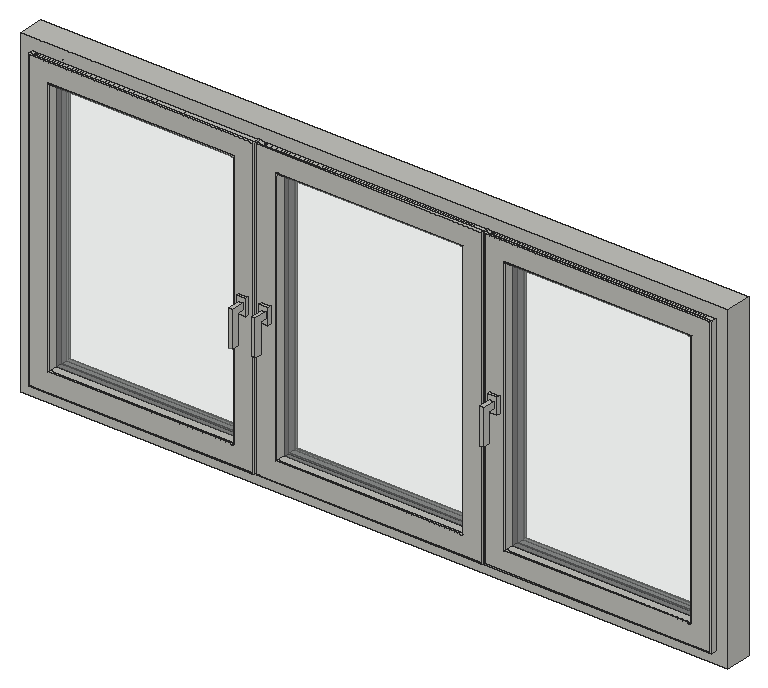
Revit family "2021_ES_Ventana_Replus_RE80-PVC-i30_1130X_3H", category Ventanas, Revit 2021
Family settings
  Anfitrión = Muro
  Número OmniClass = 23.30.20.00
  Título OmniClass = Windows
  Siempre vertical = Sí
  Corte con vacíos al cargar = No
  Compartido = No
  Punto de cálculo de habitación = No
Parameters (values of type "1130X")
  Ι_Wll Thcknss [instance] = 200.000 mm
  Ι_Wdth Cntrl = if(Anchura < 1059.000 mm, 1059.000 mm, if(Anchura > 2961.000 mm, 2961.000 mm, Anchura))  # 2200.000 mm
  Ι_Nst Cntrl [instance] = if(Retranqueo > Ι_Wll Thcknss - 80.000 mm, Ι_Wll Thcknss - 80.000 mm, if(Retranqueo = Ι_Wll Thcknss - 80.000 mm, Ι_Wll Thcknss - 80.000 mm, Retranqueo))  # 0.000 mm
  Ι_Hndl Hght Cntrl = if(Altura de Manilla < 200.000 mm, 200.000 mm, if(Altura de Manilla > Ι_Hght Cntrl - 150.000 mm, Ι_Hght Cntrl - 150.000 mm, Altura de Manilla))  # 500.000 mm
  Ι_Hght Cntrl = if(Altura < 429.000 mm, 429.000 mm, if(Altura > 2658.000 mm, 2658.000 mm, Altura))  # 1000.000 mm
  Zona = ""
  Visibilidad Líneas Apertura - Planta = yes
  Visibilidad Líneas Apertura - Alzado = yes
  Vida Util Esperada = ""
  Version Estandar GDO-BIM = "GDO-BIM V02"  # constant formula
  Version = "RVT2021"  # constant formula
  Verano de transmitancia termica = 0
  Unidad Medicion = ""
  Unidad = ""
  Uniclass2015 Titulo = ""
  Uniclass2015 Codigo = ""
  URL de Declaracion de Prestaciones = ""
  URL Producto = "https://replus.es/bim/"
  URL Perfil BIM = "https://bimetica.com/es/objeto-bim-replus-ventana-re80-pvc-i30-2-hojas-oscilobatientes-11109.html"
  URL = "https://replus.es/"
  UNSPSC Titulo = "Windows"  # constant formula
  UNSPSC Codigo = "30171600"  # constant formula
  Transmitancia termica invierno = 0
  Transmitancia solar = 0
  Transmitancia de ganancia de calor solar = 0
  Transmision de luz visible = 0
  Titular = "Regicarp, S.L."  # constant formula
  Tipo Embalaje Proteccion = ""
  Tiene antepecho interno = yes
  Tiene antepecho externo = yes
  Tiempo Util De Vida = ""
  Tiempo Medio Entre Fallos = ""
  Telefono Contacto = "+34 966544310"  # constant formula
  Soporte tecnico BIM = "https://bimsupport.info/es/fabricantes/regicarp-replus-bim/"
  Sistema = ""
  Serie = ""
  Responsable Seguridad = ""
  Responsable Prescripcion = ""
  Responsable Compra = ""
  Residuos Peligrosos por Unidad = 0
  Residuos No Peligrosos por Unidad = 0
  Residuo Radioactivo por Unidad = 0
  Residuo Inerte por Unidad = 0
  Reflectancia solar = 0
  Reflectancia de luz visible = 0
  Referencia Unidad Funcional = ""
  Referencia Lote = ""
  Referencia Contacto Soporte Tecnico = ""
  Referencia Contacto Comercial Venta = ""
  Referencia = "RE 80/PVC/i30"
  Punto de Contacto = ""
  Proteccion con Malla = yes
  Plataforma descaga contenido BIM = "www.bimetica.com"
  Periodo Garantia = ""
  Partida URL = ""
  Pais de Venta = ""
  Omniclass Titulo = "Plastic Windows"  # constant formula
  Omniclass Codigo = "23-17 13 17"  # constant formula
  Numero de Licencia = "XXXXXXXXXX9500 / No-aportada por bimboject AB (anterior)"  # constant formula
  Numero de Declaracion de Prestaciones = ""
  Numero Serie = ""
  Numero Articulo Global Comercial = ""
  Numero Articulo = ""
  Nivel de Riesgo = ""
  Material Envoltura = ""
  Material Contenedor = ""
  Material = none
  Masterformat Titulo = "Plastic Windows"  # constant formula
  Masterformat Codigo = "08 53 00"  # constant formula
  Marcado CE = yes
  Mantenimiento = ""
  Lugar Ensamblaje = ""
  Instrucciones Especiales = ""
  Informacion Tecnica = ""
  IfcExportType = "Oscilobatiente"  # constant formula
  IfcExportAs = "IfcWindow"  # constant formula
  Identificador Garantia = ""
  Historial = "(RVT2021) Creacion de Elemento."  # constant formula
  Gubimclass Titulo = "Ventanas de fachadas"  # constant formula
  Gubimclass Codigo = "30.10.20.10"  # constant formula
  Gas de Relleno = ""
  Garantia Extendida = yes
  Fuente Datos LCA = ""
  Formacion Fotoquimica Ozono por Unidad = 0
  Fecha Vencimiento Elemento BIM = ""
  Fecha Suministro = ""
  Fecha Inicio Garantia = ""
  Fecha Fin Garantia = ""
  Fecha Evaluacion = ""
  Fecha Emision Elemento BIM = ""
  Fecha Compra = ""
  Fecha Colocacion = ""
  Fase Ciclo Vida = ""
  Falta de Recursos por Unidad = 0
  Exclusiones = ""
  Eutrofizacion por Unidad = 0
  Etiqueta Modelo = ""
  Estandar seguridad = ""
  Espesor de vidrio 3 = 0.000 mm
  Espesor de vidrio 2 = 0.000 mm
  Espesor de vidrio 1 = 0.000 mm
  Espacio libre acceso = 0.000 mm
  Espacio = ""
  Es templado = yes
  Es recubierto = yes
  Es laminado = yes
  Es Exterior = yes
  Es Accesible = yes
  Energia consumida = 0
  Energia Renovable Consumida por Unidad = 0
  Energia Primaria Total Consumida por Unidad = 0
  Energia No Renovable Consumida por Unidad = 0
  Email Contacto = "info@replus.es"  # constant formula
  Destruccion Capa Ozono Estratosferica por Unidad = 0
  Descripcion Evaluacion = ""
  Dependiente De = ""
  Declaracion Ambiental de Producto URL = ""
  Creditos LEED = ""
  Creditos BREEAM = ""
  Coste Mantenimiento = 0
  Contenido Garantia = ""
  Contacto = ""
  Condiciones de Venta = ""
  Condiciones Evaluacion = ""
  Color de vidrio = ""
  Coeficiente de sombreado = 0
  Codigo Barras = ""
  Codigo = ""
  Clasificacion de carga de viento = ""
  Capas de vidrio = 0
  Cambio Climatico por Unidad = 0
  COBie Categoria = "IfcWindow"
  Base Precio Producto 03 = ""
  Base Precio Producto 02 = ""
  Base Precio Producto 01 = ""
  Autor = "Bimetica Parametric Design Services S.L. (actual) / bimobject AB (anterior)"
  Ano Produccion = ""
  Anchura aproximada = Ι_Wdth Cntrl + 2 * Hueco  # 2210.000 mm
  Altura minima requerida = 0.000 mm
  Altura aproximada = Ι_Hght Cntrl + 2 * Hueco  # 1010.000 mm
  Retranqueo [instance] = 0.000 mm
  Product Material = PVC - Replus - 9152 - White
  Modelo = "1130X"
  Material secondary = "Glass"
  Material main = "PVC"
  Fabricante = "Replus"
  Nota clave = "08500"
  I_Lf_Cntrl = (Ι_Wdth Cntrl - 2.000 mm * 36.8 - 6.000 mm) / 2  # 1060.200 mm
  I_Glss_Wdth = (Ι_Wdth Cntrl - 2.000 mm * 36.8 - 6.000 mm) / 2 - (79.000 mm * 2)  # 902.200 mm
  Hueco = 5.000 mm
  Altura = 1000.000 mm
  Exceso Dimensiones = or(and(Altura < 429.000 mm, Advertencia Dimensión), and(Anchura < 791.000 mm, Advertencia Dimensión), and(Anchura > 2961.000 mm, Advertencia Dimensión), and(Altura > 2658.000 mm, Advertencia Dimensión))  # no
  Edition number = 1
  Descripción = "Perfiles de hoja oculta en PVC, mejorando sustancialmente el campo visual, con triple junta (mediante junta rigida en el marco) protegiendo de esta manera todos los puntos de cierre, aumentando la seguridad y proporcionando una junta perimetral completa, con perfilería de clasificación máxima S-II-A"
  Default Sill Height = 800.000 mm
  Cierre de muro = Por anfitrión
  Anchura = 2200.000 mm
  Código de montaje = "B2020100"
  Construcción analítica = "<None>"
  Altura de Manilla = 500.000 mm
  Agua Consumida por Unidad = 0
  Advertencia Dimensión = yes
  Acidificacion Atmosferica por Unidad = 0
  Acabado = ""
  Absorcion solar = 0
Reference planes
  plane 1 "Center (Front/Back)": y = 0
  plane 2 "Center (Left/Right)": x = 0
  plane 3 "Left": x = -749.6
  plane 4 "Right": x = 1460.4
  plane 5 "Sill": z = 800
  plane 6 "Head": z = 1810
  plane 7 "Exterior": y = 100
  plane 8 "Interior": y = -100
  plane 9: x = -744.6
  plane 10: x = 1455.4
  plane 11: z = 1805
  plane 12: z = 805
  plane 13 "Inset": y = -20
  plane 14: x = -704.8
  plane 15: x = 707.8
  plane 16: z = 1768.2
  plane 17: z = 841.8
  plane 18 "fg": x = -644.8
  plane 19 "glass": y = -42.5
  plane 20: y = -46.5
  plane 21: y = -64.5
  plane 22: y = -68.5
  plane 23: y = -86.5
  plane 24: y = -90.5
  plane 25: x = 647.8
  plane 26 "fg2": z = 1720.2
  plane 27: z = 889.8
  plane 28: x = -3
  plane 29: x = 3
  plane 30: x = 63
  plane 31: x = -63
  plane 32: x = -35
  plane 33: x = 35
  plane 34: x = -353.9
  plane 35: x = 355.4
  plane 36: z = 1305
  plane 37: y = -53
  plane 38: y = -104.304
  plane 39: y = 500
  plane 40: y = -100
  plane 41: x = -46
  plane 42: x = 46
  plane 43: x = -661.8
  plane 44: x = 664.8
  plane 45: z = 1725.2
  plane 46: z = 884.8
  plane 47: z = 1704.2
  plane 48: z = 905.8
  plane 49: x = -640.8
  plane 50: x = -67
  plane 51: x = 67
  plane 52: x = 643.8
  plane 53: y = -38.5
  plane 54: y = -118.5
  plane 55 "C": y = -78.5
  plane 56 "fg3": x = -656.8
  plane 57 "5": x = -51
  plane 58 "3": x = -650.8
  plane 59 "1": z = 895.8
  plane 60 "2": z = 1714.2
  plane 61 "4": x = -57
  plane 62: x = 51
  plane 63: x = 659.8
  plane 64: x = 57
  plane 65: x = 653.8
  plane 66: x = 710.8
  plane 67: x = 713.8
  plane 68: x = 1418.6
  plane 69: x = 756.8
  plane 70: x = 1375.6
  plane 71: x = 761.8
  plane 72: x = 1370.6
  plane 73: x = 777.8
  plane 74: x = 1354.6
  plane 75: x = 767.8
  plane 76: x = 773.8
  plane 77: x = 1364.6
  plane 78: x = 1358.6
  plane 79: x = 745.8
  plane 80: x = 675.8
  plane 81: x = -707.8
  plane 82: x = 1066.2
  plane 83: x = 1421.6
  plane 84: x = -710.8
  plane 85: y = 10
Forms (mm)
  Sweep 1, solid, material "PVC - Replus - 9152 - White" <- "Product Material", detail levels fine
    path origin (0, -20, 0) x (-1, 0, 0) y (0, 0, 1)
      loop
        line (744.6, 1805) -> (-1455.4, 1805) -> (-1455.4, 805) -> (744.6, 805) -> (744.6, 1805)
    profile origin (-744.6, -20, 1305) x (1, 0, 0) y (0, 1, 0)
      loop
        line (0, -80) -> (43.8, -80)
        arc (43.8, -80) -> (44.507, -79.707) -> (44.8, -79) r 1
        line (44.8, -79) -> (44.8, -38) -> (63.811, -38) -> (63.811, -18.5) -> (75.767, -18.5)
        arc (75.767, -18.5) -> (76.56, -18.109) -> (76.733, -17.241) r 1
        line (76.733, -17.241) -> (72.709, -2.224)
        arc (72.709, -2.224) -> (71.637, -0.62) -> (69.811, 0) r 3
        line (69.811, 0) -> (0, 0) -> (0, -80)
  Extrusion 2, solid, material "Glass - Replus", detail levels fine
    sketch origin (0, 0, 0) x (1, 0, 0) y (0, 1, 0)
      loop
        line (-656.8, -42.5) -> (-656.8, -46.5) -> (-51, -46.5) -> (-51, -42.5) -> (-656.8, -42.5)
      loop
        line (-656.8, -64.5) -> (-656.8, -68.5) -> (-51, -68.5) -> (-51, -64.5) -> (-656.8, -64.5)
      loop
        line (-656.8, -86.5) -> (-656.8, -90.5) -> (-51, -90.5) -> (-51, -86.5) -> (-656.8, -86.5)
      loop
        line (51, -42.5) -> (51, -46.5) -> (659.8, -46.5) -> (659.8, -42.5) -> (51, -42.5)
      loop
        line (51, -64.5) -> (51, -68.5) -> (659.8, -68.5) -> (659.8, -64.5) -> (51, -64.5)
      loop
        line (51, -86.5) -> (51, -90.5) -> (659.8, -90.5) -> (659.8, -86.5) -> (51, -86.5)
      loop
        line (761.8, -42.5) -> (761.8, -46.5) -> (1370.6, -46.5) -> (1370.6, -42.5) -> (761.8, -42.5)
      loop
        line (761.8, -64.5) -> (761.8, -68.5) -> (1370.6, -68.5) -> (1370.6, -64.5) -> (761.8, -64.5)
      loop
        line (761.8, -86.5) -> (761.8, -90.5) -> (1370.6, -90.5) -> (1370.6, -86.5) -> (761.8, -86.5)
    from 889.8 to 1720.2
  Sweep 3, solid, material "PVC - Replus - 9152 - White" <- "Product Material", detail levels fine
    path origin (0, -20, 0) x (-1, 0, 0) y (0, 0, 1)
      loop
        line (0, 1768.2) -> (0, 841.8)
    profile "Profile 05 - Inversora : Profile 05 - Inversora" origin (0, -20, 1305) x (-1, 0, 0) y (0, 1, 0)
      loop
        line (36.791, 0) -> (-38.492, 0)
        arc (-38.492, 0) -> (-39.937, -0.49) -> (-40.784, -1.758) r 2.372
        line (-40.784, -1.758) -> (-45.27, -18.5) -> (-35.296, -18.5) -> (-19.158, -18.5) -> (-19.158, -28.799) -> (-35.094, -38) -> (-10.996, -38) -> (-10.996, -58.9) -> (-8.796, -58.9) -> (-8.796, -60.9) -> (-5.696, -60.9) -> (-5.696, -59.85) -> (0.504, -59.85) -> (0.504, -74.15) -> (-6.296, -74.15) -> (-6.296, -73.1) -> (-8.796, -73.1) -> (-8.796, -75.1) -> (-10.996, -75.1) -> (-10.996, -79.5)
        arc (-10.996, -79.5) -> (-10.85, -79.854) -> (-10.496, -80) r 0.5
        line (-10.496, -80) -> (22.004, -80) -> (22.004, -79) -> (22.004, -56.25) -> (22.004, -38) -> (33.504, -38)
        arc (33.504, -38) -> (33.857, -37.854) -> (34.004, -37.5) r 0.5
        line (34.004, -37.5) -> (34.004, -20.5) -> (34.004, -18.5) -> (43.47, -18.5) -> (38.958, -1.663)
        arc (38.958, -1.663) -> (38.157, -0.464) -> (36.791, 0) r 2.243
  Sweep 4, solid, material "PVC - Replus - 9152 - White" <- "Product Material", detail levels fine
    path origin (0, -20, 0) x (-1, 0, 0) y (0, 0, 1)
      loop
        line (-707.8, 1768.2) -> (-707.8, 841.8) -> (-3, 841.8) -> (-3, 1768.2) -> (-707.8, 1768.2)
    profile origin (3, -20, 1305) x (0, 1, 0) y (-1, 0, 0)
      loop
        line (-32.5, -33) -> (-42, -33) -> (-42, -27.5) -> (-42, -20) -> (-80, -20) -> (-80, -7.5) -> (-80, 0) -> (-95.5, 0)
        arc (-95.5, 0) -> (-97.621, -0.879) -> (-98.5, -3) r 3
        line (-98.5, -3) -> (-98.5, -61)
        arc (-98.5, -61) -> (-97.621, -63.121) -> (-95.5, -64) r 3
        line (-95.5, -64) -> (-70.5, -64) -> (-70.5, -43) -> (-22.5, -43) -> (-22.5, -40.495) -> (-22.5, -33) -> (-32.5, -33)
  Sweep 5, solid, material "PVC - Replus - 9152 - White" <- "Product Material", detail levels fine
    path origin (0, -20, 0) x (-1, 0, 0) y (0, 0, 1)
      loop
        line (704.8, 1768.2) -> (3, 1768.2) -> (3, 841.8) -> (704.8, 841.8) -> (704.8, 1768.2)
    profile origin (-704.8, -20, 1305) x (1, 0, 0) y (0, 1, 0)
      loop
        line (33, -32.5) -> (33, -42) -> (27.5, -42) -> (20, -42) -> (20, -80) -> (7.5, -80) -> (0, -80) -> (0, -95.5)
        arc (0, -95.5) -> (0.879, -97.621) -> (3, -98.5) r 3
        line (3, -98.5) -> (61, -98.5)
        arc (61, -98.5) -> (63.121, -97.621) -> (64, -95.5) r 3
        line (64, -95.5) -> (64, -70.5) -> (43, -70.5) -> (43, -22.5) -> (40.495, -22.5) -> (33, -22.5) -> (33, -32.5)
  Sweep 6, solid, material "PVC - Replus - 9152 - White" <- "Product Material", detail levels medium
    path origin (0, -20, 0) x (-1, 0, 0) y (0, 0, 1)
      loop
        line (0, 841.8) -> (0, 1768.2)
    profile origin (0, -20, 1305) x (1, 0, 0) y (0, 1, 0)
      loop
        line (-43.202, 0) -> (-43.202, -18.5) -> (-36, -18.5) -> (-36, -19.5) -> (-36, -42) -> (-23.004, -42) -> (-23.004, -80) -> (23, -80) -> (23, -58.9) -> (23, -42) -> (36, -42) -> (36, -38.377) -> (36, -18.5) -> (41.196, -18.5) -> (44.198, -18.5) -> (44.198, 0) -> (-43.202, 0)
  Sweep 7, solid, material "PVC - Replus - 9152 - White" <- "Product Material", detail levels medium
    path origin (0, -20, 0) x (-1, 0, 0) y (0, 0, 1)
      loop
        line (744.6, 1805) -> (-1455.4, 1805) -> (-1455.4, 805) -> (744.6, 805) -> (744.6, 1805)
    profile origin (-744.6, -20, 1305) x (1, 0, 0) y (0, 1, 0)
      loop
        line (0, -80) -> (56.8, -80) -> (56.8, -42) -> (69.8, -42) -> (69.8, -18.5) -> (76.662, -18.5) -> (76.662, 0) -> (0, 0) -> (0, -80)
  Sweep 8, solid, material "PVC - Replus - 9152 - White" <- "Product Material", detail levels medium
    path origin (0, -20, 0) x (-1, 0, 0) y (0, 0, 1)
      loop
        line (704.8, 1768.2) -> (3, 1768.2) -> (3, 841.8) -> (704.8, 841.8) -> (704.8, 1768.2)
    profile origin (-704.8, -20, 1305) x (1, 0, 0) y (0, 1, 0)
      loop
        line (20, -42) -> (20, -80) -> (0, -80) -> (0, -98.5) -> (64, -98.5) -> (64, -70.5) -> (43, -70.5) -> (43, -22.5) -> (33, -22.5) -> (33, -42) -> (20, -42)
  Sweep 9, solid, material "PVC - Replus - 9152 - White" <- "Product Material", detail levels medium
    path origin (0, -20, 0) x (-1, 0, 0) y (0, 0, 1)
      loop
        line (-3, 1768.2) -> (-707.8, 1768.2) -> (-707.8, 841.8) -> (-3, 841.8) -> (-3, 1768.2)
    profile origin (3, -20, 1305) x (1, 0, 0) y (0, 1, 0)
      loop
        line (20, -42) -> (20, -80) -> (0, -80) -> (0, -98.5) -> (64, -98.5) -> (64, -70.5) -> (43, -70.5) -> (43, -22.5) -> (33, -22.5) -> (33, -42) -> (20, -42)
  Sweep 10, solid, material "PVC - Replus - 9152 - White" <- "Product Material", detail levels coarse
    path origin (0, -20, 0) x (-1, 0, 0) y (0, 0, 1)
      loop
        line (744.6, 1805) -> (-1455.4, 1805) -> (-1455.4, 805) -> (744.6, 805) -> (744.6, 1805)
    profile origin (-744.6, -20, 1305) x (1, 0, 0) y (0, 1, 0)
      loop
        line (0, -80) -> (56.8, -80) -> (56.8, -18.5) -> (76.662, -18.5) -> (76.662, 0) -> (0, 0) -> (0, -80)
  Sweep 11, solid, material "PVC - Replus - 9152 - White" <- "Product Material", detail levels coarse
    path origin (0, -20, 0) x (-1, 0, 0) y (0, 0, 1)
      loop
        line (704.8, 1768.2) -> (3, 1768.2) -> (3, 841.8) -> (704.8, 841.8) -> (704.8, 1768.2)
    profile origin (-704.8, -20, 1305) x (1, 0, 0) y (0, 1, 0)
      loop
        line (20, -75.1) -> (20, -80) -> (7.5, -80) -> (0, -80) -> (0, -98.5) -> (64, -98.5) -> (64, -18.5) -> (43, -18.5) -> (40.495, -18.5) -> (20, -18.5) -> (20, -75.1)
  Sweep 12, solid, material "PVC - Replus - 9152 - White" <- "Product Material", detail levels coarse
    path origin (0, -20, 0) x (-1, 0, 0) y (0, 0, 1)
      loop
        line (-3, 1768.2) -> (-707.8, 1768.2) -> (-707.8, 841.8) -> (-3, 841.8) -> (-3, 1768.2)
    profile origin (3, -20, 1305) x (1, 0, 0) y (0, 1, 0)
      loop
        line (20, -75.1) -> (20, -80) -> (7.5, -80) -> (0, -80) -> (0, -98.5) -> (64, -98.5) -> (64, -18.5) -> (43, -18.5) -> (40.495, -18.5) -> (20, -18.5) -> (20, -75.1)
  Extrusion 13, solid, material "Glass - Replus", detail levels medium
    sketch origin (0, 0, 0) x (1, 0, 0) y (0, 1, 0)
      loop
        line (-661.8, -42.5) -> (-661.8, -90.5) -> (-46, -90.5) -> (-46, -42.5) -> (-661.8, -42.5)
      loop
        line (664.8, -42.5) -> (46, -42.5) -> (46, -90.5) -> (664.8, -90.5) -> (664.8, -42.5)
      loop
        line (756.8, -42.5) -> (756.8, -90.5) -> (1375.6, -90.5) -> (1375.6, -42.5) -> (756.8, -42.5)
    from 884.8 to 1725.2
  Sweep 14, solid, material "PVC - Replus - 9152 - White" <- "Product Material", detail levels coarse
    path origin (0, -20, 0) x (-1, 0, 0) y (0, 0, 1)
      loop
        line (0, 841.8) -> (0, 1768.2)
    profile origin (0, -20, 1305) x (1, 0, 0) y (0, 1, 0)
      loop
        line (-43.206, 0) -> (-43.206, -18.5) -> (-23.004, -18.5) -> (-23.004, -80) -> (22.996, -80) -> (22.996, -18.5) -> (41.192, -18.5) -> (44.194, -18.5) -> (44.194, 0) -> (-43.206, 0)
  Extrusion 15, solid, material "Glass - Replus", detail levels coarse
    sketch origin (0, 0, 0) x (1, 0, 0) y (0, 1, 0)
      loop
        line (-640.8, -38.5) -> (-640.8, -118.5) -> (-67, -118.5) -> (-67, -38.5) -> (-640.8, -38.5)
      loop
        line (67, -38.5) -> (67, -118.5) -> (643.8, -118.5) -> (643.8, -38.5) -> (67, -38.5)
      loop
        line (777.8, -118.5) -> (1354.6, -118.5) -> (1354.6, -38.5) -> (777.8, -38.5) -> (777.8, -118.5)
    from 905.8 to 1704.2
  Sweep 16, solid, material "Rubber - Replus - Black", detail levels fine
    path origin (0, -20, 0) x (-1, 0, 0) y (0, 0, 1)
      loop
        line (650.8, 1714.2) -> (57, 1714.2) -> (57, 895.8) -> (650.8, 895.8) -> (650.8, 1714.2)
    profile origin (-650.8, -20, 1305) x (1, 0, 0) y (0, 1, 0)
      loop
        line (0, -26.5) -> (0, -44.5) -> (6, -44.5) -> (6, -26.5) -> (0, -26.5)
      loop
        line (0, -48.5) -> (0, -66.5) -> (6, -66.5) -> (6, -48.5) -> (0, -48.5)
  Sweep 17, solid, material "Rubber - Replus - Black", detail levels medium+fine
    path origin (0, -20, 0) x (-1, 0, 0) y (0, 0, 1)
      loop
        line (661.8, 1725.2) -> (46, 1725.2) -> (46, 884.8) -> (661.8, 884.8) -> (661.8, 1725.2)
    profile origin (-661.8, -20, 1305) x (1, 0, 0) y (0, 1, 0)
      loop
        line (-10, -18.5) -> (-10, -22.5) -> (21, -22.5) -> (21, -18.5) -> (-10, -18.5)
  Sweep 18, solid, material "Rubber - Replus - Black", detail levels medium+fine
    path origin (566.2, -20, 0) x (-1, 0, 0) y (0, 0, 1)
      loop
        line (520.2, 1725.2) -> (-98.6, 1725.2) -> (-98.6, 884.8) -> (520.2, 884.8) -> (520.2, 1725.2)
    profile origin (46, -20, 1305) x (1, 0, 0) y (0, 1, 0)
      loop
        line (-10, -18.5) -> (-10, -22.5) -> (21, -22.5) -> (21, -18.5) -> (-10, -18.5)
  Sweep 19, solid, material "Rubber - Replus - Black", detail levels fine
    path origin (566.2, -20, 0) x (-1, 0, 0) y (0, 0, 1)
      loop
        line (509.2, 1714.2) -> (-87.6, 1714.2) -> (-87.6, 895.8) -> (509.2, 895.8) -> (509.2, 1714.2)
    profile origin (57, -20, 1305) x (1, 0, 0) y (0, 1, 0)
      loop
        line (0, -26.5) -> (0, -44.5) -> (6, -44.5) -> (6, -26.5) -> (0, -26.5)
      loop
        line (0, -48.5) -> (0, -66.5) -> (6, -66.5) -> (6, -48.5) -> (0, -48.5)
  Sweep 20, solid, material "PVC - Replus - 9152 - White" <- "Product Material", detail levels coarse
    path origin (571.377, -20, 0) x (-1, 0, 0) y (0, 0, 1)
      loop
        line (-139.423, 841.8) -> (-139.423, 1768.2)
    profile origin (710.8, -20, 1305) x (1, 0, 0) y (0, 1, 0)
      loop
        line (-43.206, 0) -> (-43.206, -18.5) -> (-23.004, -18.5) -> (-23.004, -80) -> (22.996, -80) -> (22.996, -18.5) -> (41.192, -18.5) -> (44.194, -18.5) -> (44.194, 0) -> (-43.206, 0)
  Sweep 21, solid, material "PVC - Replus - 9152 - White" <- "Product Material", detail levels fine
    path origin (358.254, -20, -272.624) x (-1, 0, 0) y (0, 0, 1)
      loop
        line (-352.546, 2040.824) -> (-352.546, 1114.424)
    profile "Profile 05 - Inversora : Profile 05 - Inversora" origin (710.8, -20, 1305) x (-1, 0, 0) y (0, 1, 0)
      loop
        line (36.791, 0) -> (-38.492, 0)
        arc (-38.492, 0) -> (-39.937, -0.49) -> (-40.784, -1.758) r 2.372
        line (-40.784, -1.758) -> (-45.27, -18.5) -> (-35.296, -18.5) -> (-19.158, -18.5) -> (-19.158, -28.799) -> (-35.094, -38) -> (-10.996, -38) -> (-10.996, -58.9) -> (-8.796, -58.9) -> (-8.796, -60.9) -> (-5.696, -60.9) -> (-5.696, -59.85) -> (0.504, -59.85) -> (0.504, -74.15) -> (-6.296, -74.15) -> (-6.296, -73.1) -> (-8.796, -73.1) -> (-8.796, -75.1) -> (-10.996, -75.1) -> (-10.996, -79.5)
        arc (-10.996, -79.5) -> (-10.85, -79.854) -> (-10.496, -80) r 0.5
        line (-10.496, -80) -> (22.004, -80) -> (22.004, -79) -> (22.004, -56.25) -> (22.004, -38) -> (33.504, -38)
        arc (33.504, -38) -> (33.857, -37.854) -> (34.004, -37.5) r 0.5
        line (34.004, -37.5) -> (34.004, -20.5) -> (34.004, -18.5) -> (43.47, -18.5) -> (38.958, -1.663)
        arc (38.958, -1.663) -> (38.157, -0.464) -> (36.791, 0) r 2.243
  Sweep 22, solid, material "PVC - Replus - 9152 - White" <- "Product Material", detail levels medium
    path origin (453.483, -20, -119.529) x (-1, 0, 0) y (0, 0, 1)
      loop
        line (-257.317, 961.329) -> (-257.317, 1887.729)
    profile origin (710.8, -20, 1305) x (1, 0, 0) y (0, 1, 0)
      loop
        line (-43.202, 0) -> (-43.202, -18.5) -> (-36, -18.5) -> (-36, -19.5) -> (-36, -42) -> (-23.004, -42) -> (-23.004, -80) -> (23, -80) -> (23, -58.9) -> (23, -42) -> (36, -42) -> (36, -38.377) -> (36, -18.5) -> (41.196, -18.5) -> (44.198, -18.5) -> (44.198, 0) -> (-43.202, 0)
  Sweep 23, solid, material "PVC - Replus - 9152 - White" <- "Product Material", detail levels medium
    path origin (1659.013, -20, 0) x (1, 0, 0) y (0, 0, -1)
      loop
        line (-240.413, -1768.2) -> (-240.413, -841.8) -> (-945.213, -841.8) -> (-945.213, -1768.2) -> (-240.413, -1768.2)
    profile origin (1418.6, -20, 1305) x (1, 0, 0) y (0, 1, 0)
      loop
        line (-20, -42) -> (-33, -42) -> (-33, -22.5) -> (-43, -22.5) -> (-43, -70.5) -> (-64, -70.5) -> (-64, -98.5) -> (0, -98.5) -> (0, -80) -> (-20, -80) -> (-20, -42)
  Sweep 24, solid, material "PVC - Replus - 9152 - White" <- "Product Material", detail levels coarse
    path origin (1110, -20, 0) x (1, 0, 0) y (0, 0, -1)
      loop
        line (308.6, -1768.2) -> (308.6, -841.8) -> (-396.2, -841.8) -> (-396.2, -1768.2) -> (308.6, -1768.2)
    profile origin (1418.6, -20, 1305) x (1, 0, 0) y (0, 1, 0)
      loop
        line (-20, -75.1) -> (-20, -18.5) -> (-40.495, -18.5) -> (-43, -18.5) -> (-64, -18.5) -> (-64, -98.5) -> (0, -98.5) -> (0, -80) -> (-7.5, -80) -> (-20, -80) -> (-20, -75.1)
  Sweep 25, solid, material "Rubber - Replus - Black", detail levels medium+fine
    path origin (543.8, -20, 0) x (1, 0, 0) y (0, 0, -1)
      loop
        line (810.8, -1704.2) -> (810.8, -905.8) -> (234, -905.8) -> (234, -1704.2) -> (810.8, -1704.2)
    profile origin (1354.6, -20, 1305) x (1, 0, 0) y (0, 1, 0)
      loop
        line (31, -18.5) -> (0, -18.5) -> (0, -22.5) -> (31, -22.5) -> (31, -18.5)
  Sweep 26, solid, material "Rubber - Replus - Black", detail levels fine
    path origin (543.8, -20, 0) x (1, 0, 0) y (0, 0, -1)
      loop
        line (820.8, -1714.2) -> (820.8, -895.8) -> (224, -895.8) -> (224, -1714.2) -> (820.8, -1714.2)
    profile origin (1364.6, -20, 1305) x (1, 0, 0) y (0, 1, 0)
      loop
        line (0, -26.5) -> (-6, -26.5) -> (-6, -44.5) -> (0, -44.5) -> (0, -26.5)
      loop
        line (0, -48.5) -> (-6, -48.5) -> (-6, -66.5) -> (0, -66.5) -> (0, -48.5)
  Sweep 27, solid, material "PVC - Replus - 9152 - White" <- "Product Material", detail levels fine
    path origin (1100, -20, 0) x (1, 0, 0) y (0, 0, -1)
      loop
        line (-386.2, -1768.2) -> (318.6, -1768.2) -> (318.6, -841.8) -> (-386.2, -841.8) -> (-386.2, -1768.2)
    profile origin (1418.6, -20, 1305) x (0, 1, 0) y (-1, 0, 0)
      loop
        line (-32.5, 33) -> (-22.5, 33) -> (-22.5, 40.495) -> (-22.5, 43) -> (-70.5, 43) -> (-70.5, 64) -> (-95.5, 64)
        arc (-95.5, 64) -> (-97.621, 63.121) -> (-98.5, 61) r 3
        line (-98.5, 61) -> (-98.5, 3)
        arc (-98.5, 3) -> (-97.621, 0.879) -> (-95.5, 0) r 3
        line (-95.5, 0) -> (-80, 0) -> (-80, 7.5) -> (-80, 20) -> (-42, 20) -> (-42, 27.5) -> (-42, 33) -> (-32.5, 33)
Cuts and joins
  joined: Sweep 6, Sweep 7, Sweep 22
  joined: Sweep 10, Sweep 14, Sweep 20
  joined: Sweep 1, Sweep 3, Sweep 21
Lines and regions (mm)
  Opening 1
    outline origin (3500, -100, 0) x (1, 0, 0) y (0, 0, 1)
      loop
        line (-2039.6, 800) -> (-2039.6, 1810) -> (-4249.6, 1810) -> (-4249.6, 800) -> (-2039.6, 800)
  symbolic lines, style "Symbolic Lines Replus", visible <- "Visibilidad Líneas Apertura - Alzado"
    curve 1: line (-353.9, -20, 1704.2) -> (-640.8, -20, 905.8)
    curve 2: line (-353.9, -20, 1704.2) -> (-67, -20, 905.8)
    curve 3: line (-67, -20, 1305) -> (-640.8, -20, 1706.96)
    curve 4: line (-67, -20, 1305) -> (-640.8, -20, 905.8)
    curve 5: line (355.4, -20, 1704.218) -> (67, -20, 905.8)
    curve 6: line (355.4, -20, 1704.218) -> (643.8, -20, 905.8)
    curve 7: line (67, -20, 1305) -> (643.8, -20, 1704.2)
    curve 8: line (67, -20, 1305) -> (643.8, -20, 905.8)
    curve 22: line (1066.2, -20, 1704.2) -> (777.8, -20, 905.8)
    curve 23: line (1066.2, -20, 1704.2) -> (1354.588, -20, 905.8)
    curve 24: line (777.8, -20, 1305) -> (1354.64, -20, 1704.2)
    curve 25: line (777.8, -20, 1305) -> (1354.588, -20, 905.8)
  symbolic lines, detail levels coarse
    curve 9: line (643.8, -78.5, 0) -> (67, -78.5, 0)
    curve 10: line (-640.8, -78.5, 0) -> (-67, -78.5, 0)
    curve 11: line (-749.6, -78.5, 1704.2) -> (-749.6, -78.5, 905.8)
    curve 30: line (-640.8, -78.5, 0) -> (-774.8, -78.5, 0)
    curve 31: line (1354.6, -78.5, 0) -> (777.8, -78.5, 0)
  symbolic lines, visible <- "Visibilidad Líneas Apertura - Planta"
    curve 12: line (-704.8, -118.5, 0) -> (-704.8, -820.3, 0)
    curve 13: line (707.8, -118.5, 0) -> (707.8, -823.3, 0)
    curve 32: arc (-3, -118.5, 0) -> (-208.552, -614.748, 0) -> (-704.8, -820.3, 0) r 701.8
    curve 33: arc (3, -118.5, 0) -> (209.431, -616.869, 0) -> (707.8, -823.3, 0) r 704.8
  model lines, style "Symbolic Lines Replus", visible <- "Visibilidad Líneas Apertura - Alzado"
    curve 14: line (-353.9, -42.5, 1704.2) -> (-640.8, -42.5, 905.8)
    curve 15: line (-67, -42.5, 905.8) -> (-353.9, -42.5, 1704.2)
    curve 16: line (-67, -42.5, 1305) -> (-640.8, -42.5, 1704.2)
    curve 17: line (-67, -42.5, 1305) -> (-640.8, -42.5, 905.8)
    curve 18: line (355.4, -42.5, 1704.2) -> (67, -42.5, 905.8)
    curve 19: line (643.8, -42.5, 905.8) -> (355.4, -42.5, 1704.2)
    curve 20: line (67, -42.5, 1305) -> (643.8, -42.5, 1704.2)
    curve 21: line (67, -42.5, 1305) -> (643.8, -42.5, 905.8)
    curve 26: line (1066.2, -20, 1704.2) -> (777.8, -20, 905.8)
    curve 27: line (1066.2, -20, 1704.2) -> (1354.588, -20, 905.8)
    curve 28: line (777.8, -20, 1305) -> (1354.64, -20, 1704.2)
    curve 29: line (777.8, -20, 1305) -> (1354.588, -20, 905.8)
  symbolic lines
    curve 34: arc (713.8, -118.5, 0) -> (920.231, -616.869, 0) -> (1418.6, -823.3, 0) r 704.8
    curve 35: line (1418.6, -118.5, 0) -> (1418.6, -823.3, 0)
Text (mm)
  text "EXTERIOR" at (-1963.203, 1332.353, 0), in view "Ref. Level"
  text "INTERIOR" at (-1981.466, -818.386, 0), in view "Ref. Level"
  text "Exterior" at (0, 923.751, 2943.296), in view "Right"
  text "Exterior" at (0, 1040.484, 2685.409), in view "Left"
Dimensions and locks
  equal spacing: plane 84, plane 2 "Center (Left/Right)", plane 66, plane 83
  "Ι_Wdth Cntrl": plane 9 to plane 10
  "Ι_Hght Cntrl": plane 12 to plane 11
  "Default Sill Height": plane 5 "Sill" to level
  locked: plane 7 "Exterior" to host wall
  locked: plane 8 "Interior" to host wall
  "Hueco": plane 3 "Left" to plane 9
  "Hueco": plane 10 to plane 4 "Right"
  "Hueco": plane 12 to plane 5 "Sill"
  locked: plane 14 to plane 18 "fg" at 60
  plane 13 "Inset" to plane 19 "glass" to plane 20 to plane 21 to plane 22 to plane 23 to plane 24 = 22.500 mm, 4.000 mm, 18.000 mm, 4.000 mm, 18.000 mm, 4.000 mm
  locked: plane 25 to plane 15 at 60
  plane 28 to plane 2 "Center (Left/Right)" to plane 29 = 3.000 mm locked, 3.000 mm locked
  locked: plane 29 to plane 30 at 60
  locked: plane 31 to plane 28 at 60
  locked: plane 2 "Center (Left/Right)" to plane 33 at 35
  locked: plane 32 to plane 2 "Center (Left/Right)" at 35
  plane 11 to plane 12 = 1000.000 mm
  plane 9 to plane 2 "Center (Left/Right)" = 744.600 mm
  plane 10 to plane 66 to plane 2 "Center (Left/Right)" = 744.600 mm, 710.800 mm
  "Ι_Wll Thcknss": host wall to host wall
  plane 38 to plane 37 to plane 13 "Inset" = 51.304 mm, 33.000 mm
  locked: plane 39 to plane 7 "Exterior" at 400
  "Ι_Hndl Hght Cntrl": plane 36 to plane 12
  plane 40 to plane 24 = 9.500 mm
  "Ι_Nst Cntrl": plane 8 "Interior" to plane 40
  plane 13 "Inset" to plane 53 to plane 54 = 18.500 mm locked, 80.000 mm locked
  locked: plane 54 to plane 55 "C" at 40
  plane 43 to plane 56 "fg3" to plane 58 "3" to plane 18 "fg" to plane 49 = 5.000 mm locked, 6.000 mm locked, 6.000 mm locked, 4.000 mm locked
  plane 48 to plane 59 "1" to plane 27 to plane 46 to plane 17 to plane 12 = 10.000 mm locked, 6.000 mm locked, 5.000 mm locked, 43.000 mm locked, 36.800 mm locked
  plane 11 to plane 16 to plane 45 to plane 26 "fg2" to plane 60 "2" to plane 47 = 36.800 mm locked, 43.000 mm locked, 5.000 mm locked, 6.000 mm locked, 10.000 mm locked
  plane 50 to plane 31 to plane 61 "4" to plane 57 "5" to plane 41 = 4.000 mm locked, 6.000 mm locked, 6.000 mm locked, 5.000 mm locked
  plane 42 to plane 62 to plane 64 to plane 30 to plane 51 = 5.000 mm locked, 6.000 mm locked, 6.000 mm locked, 4.000 mm locked
  plane 52 to plane 25 to plane 65 to plane 63 to plane 44 = 4.000 mm locked, 6.000 mm locked, 6.000 mm locked, 5.000 mm locked
  plane 15 to plane 66 to plane 67 = 3.000 mm locked, 3.000 mm locked
  locked: plane 67 to plane 69 at 43
  locked: plane 70 to plane 68 at 43
  plane 69 to plane 71 to plane 75 to plane 76 to plane 73 = 5.000 mm locked, 6.000 mm locked, 6.000 mm locked, 4.000 mm locked
  plane 74 to plane 78 to plane 77 to plane 72 to plane 70 = 4.000 mm locked, 6.000 mm locked, 6.000 mm locked, 5.000 mm locked
  locked: plane 67 to plane 79 at 32
  locked: plane 80 to plane 15 at 32
  equal spacing: plane 28, plane 34, plane 14
  equal spacing: plane 15, plane 35, plane 29
  plane 14 to plane 43 to plane 56 "fg3" to plane 58 "3" to plane 18 "fg" to plane 49 = 43.000 mm, 5.000 mm, 6.000 mm, 6.000 mm, 4.000 mm
  equal spacing: plane 68, plane 82, plane 67
  locked: plane 84 to plane 81 at 3
  locked: plane 68 to plane 83 at 3
  locked: plane 9 to plane 84 at 33.8
  locked: plane 83 to plane 10 at 33.8
  Extrusion 15 to Extrusion 15 = 134.000 mm
  Sweep 24 to Extrusion 15 = 134.000 mm
  Sweep 24 to plane 10 = 100.800 mm
  locked: plane 13 "Inset" to plane 85 at 30
  locked: plane 81 to plane 14 at 3
  "Hueco": plane 6 "Head" to plane 11
  aligned and locked: Sweep 1 sketch curve to plane 11
  aligned and locked: Sweep 1 sketch curve to plane 10
  aligned and locked: plane 9 to Sweep 1 sketch curve
  aligned and locked: plane 12 to Sweep 1 sketch curve
  aligned and locked: plane 19 "glass" to Extrusion 2 sketch curve  (x3)
  aligned and locked: Extrusion 2 sketch curve to plane 20  (x3)
  aligned and locked: plane 21 to Extrusion 2 sketch curve  (x3)
  aligned and locked: Extrusion 2 sketch curve to plane 22  (x3)
  aligned and locked: plane 23 to Extrusion 2 sketch curve  (x3)
  aligned and locked: Extrusion 2 sketch curve to plane 24  (x3)
  aligned and locked: plane 26 "fg2" to Extrusion 2
  aligned and locked: Extrusion 2 to plane 27
  aligned and locked: plane 2 "Center (Left/Right)" to Sweep 3 sketch curve  (x2)
  aligned and locked: Sweep 4 sketch curve to plane 16
  aligned and locked: plane 15 to Sweep 4 sketch curve
  aligned and locked: plane 29 to Sweep 4 sketch curve
  aligned and locked: plane 17 to Sweep 4 sketch curve
  aligned and locked: plane 28 to Sweep 5 sketch curve
  aligned and locked: Sweep 5 sketch curve to plane 16
  aligned and locked: plane 14 to Sweep 5 sketch curve
  aligned and locked: plane 17 to Sweep 5 sketch curve
  aligned and locked: plane 2 "Center (Left/Right)" to Sweep 6 sketch curve  (x2)
  aligned and locked: Sweep 7 sketch curve to plane 10
  aligned and locked: plane 9 to Sweep 7 sketch curve
  aligned and locked: plane 12 to Sweep 7 sketch curve
  aligned and locked: Sweep 7 sketch curve to plane 11
  aligned and locked: Sweep 8 sketch curve to plane 16
  aligned and locked: plane 14 to Sweep 8 sketch curve
  aligned and locked: plane 28 to Sweep 8 sketch curve
  aligned and locked: plane 17 to Sweep 8 sketch curve
  aligned and locked: Sweep 9 sketch curve to plane 16
  aligned and locked: plane 15 to Sweep 9 sketch curve
  aligned and locked: plane 29 to Sweep 9 sketch curve
  aligned and locked: plane 17 to Sweep 9 sketch curve
  aligned and locked: plane 9 to Sweep 10 sketch curve
  aligned and locked: Sweep 10 sketch curve to plane 11
  aligned and locked: Sweep 10 sketch curve to plane 10
  aligned and locked: plane 12 to Sweep 10 sketch curve
  aligned and locked: Sweep 11 sketch curve to plane 16
  aligned and locked: plane 28 to Sweep 11 sketch curve
  aligned and locked: plane 14 to Sweep 11 sketch curve
  aligned and locked: plane 17 to Sweep 11 sketch curve
  aligned and locked: Sweep 12 sketch curve to plane 16
  aligned and locked: plane 15 to Sweep 12 sketch curve
  aligned and locked: plane 29 to Sweep 12 sketch curve
  aligned and locked: plane 17 to Sweep 12 sketch curve
  aligned and locked: plane 2 "Center (Left/Right)" to Sweep 14 sketch curve  (x2)
  aligned and locked: plane 16 to Sweep 6 sketch curve
  aligned and locked: plane 17 to Sweep 6 sketch curve
  aligned and locked: plane 16 to Sweep 3 sketch curve
  aligned and locked: plane 17 to Sweep 3 sketch curve
  aligned and locked: plane 16 to Sweep 14 sketch curve
  aligned and locked: plane 17 to Sweep 14 sketch curve
  aligned and locked: nested 3 to plane 39
  aligned and locked: nested 3 to plane 2 "Center (Left/Right)"
  aligned and locked: plane 43 to Extrusion 13 sketch curve
  aligned and locked: plane 19 "glass" to Extrusion 13 sketch curve  (x2)
  aligned and locked: plane 41 to Extrusion 13 sketch curve
  aligned and locked: Extrusion 13 sketch curve to plane 42
  aligned and locked: Extrusion 13 sketch curve to plane 19 "glass"
  aligned and locked: Extrusion 13 sketch curve to plane 44
  aligned and locked: Extrusion 13 to plane 46
  aligned and locked: plane 45 to Extrusion 13
  aligned and locked: plane 49 to Extrusion 15 sketch curve
  aligned and locked: Extrusion 15 sketch curve to plane 54  (x2)
  aligned and locked: plane 53 to Extrusion 15 sketch curve  (x2)
  aligned and locked: plane 50 to Extrusion 15 sketch curve
  aligned and locked: plane 51 to Extrusion 15 sketch curve
  aligned and locked: plane 52 to Extrusion 15 sketch curve
  aligned and locked: plane 47 to Extrusion 15
  aligned and locked: Extrusion 15 to plane 48
  aligned and locked: curve 9 to plane 55 "C"
  aligned and locked: plane 55 "C" to curve 9
  aligned and locked: plane 51 to curve 9
  aligned and locked: plane 52 to curve 9
  aligned and locked: plane 55 "C" to curve 10  (x2)
  aligned and locked: plane 50 to curve 10
  aligned and locked: plane 49 to curve 10
  aligned and locked: curve 11 to plane 55 "C"
  aligned and locked: plane 55 "C" to curve 11
  aligned and locked: plane 48 to curve 11
  aligned and locked: plane 47 to curve 11
  aligned and locked: plane 47 to curve 7
  aligned and locked: plane 52 to curve 7
  aligned and locked: plane 35 to curve 5
  aligned and locked: plane 52 to curve 6
  aligned and locked: plane 51 to curve 5
  aligned and locked: plane 48 to curve 5
  aligned and locked: plane 48 to Extrusion 15
  aligned and locked: plane 50 to curve 2
  aligned and locked: plane 49 to curve 4
  aligned and locked: plane 48 to curve 1
  aligned and locked: plane 47 to curve 2
  aligned and locked: curve 12 to plane 14
  aligned and locked: plane 54 to curve 12
  aligned and locked: plane 54 to curve 13
  aligned and locked: plane 15 to curve 13
  aligned and locked: plane 36 to curve 17
  aligned and locked: plane 50 to curve 17
  aligned and locked: plane 47 to curve 16
  aligned and locked: plane 49 to curve 16
  aligned and locked: plane 34 to curve 14
  aligned and locked: plane 48 to curve 15
  aligned and locked: plane 50 to curve 15
  aligned and locked: plane 35 to curve 18
  aligned and locked: plane 47 to curve 18
  aligned and locked: plane 51 to curve 18
  aligned and locked: plane 48 to curve 21
  aligned and locked: plane 36 to curve 20
  aligned and locked: plane 51 to curve 21
  aligned and locked: plane 56 "fg3" to Extrusion 2 sketch curve  (x3)
  aligned and locked: plane 57 "5" to Extrusion 2 sketch curve  (x3)
  aligned and locked: Sweep 16 sketch curve to plane 60 "2"
  aligned and locked: plane 58 "3" to Sweep 16 sketch curve
  aligned and locked: plane 61 "4" to Sweep 16 sketch curve
  aligned and locked: plane 59 "1" to Sweep 16 sketch curve
  aligned and locked: nested 1 to plane 36
  aligned and locked: nested 1 to plane 32
  aligned and locked: plane 43 to Sweep 17 sketch curve
  aligned and locked: plane 62 to Extrusion 2 sketch curve  (x3)
  aligned and locked: plane 63 to Extrusion 2 sketch curve  (x3)
  aligned and locked: plane 42 to Sweep 18 sketch curve
  aligned and locked: plane 44 to Sweep 18 sketch curve
  aligned and locked: Sweep 17 sketch curve to plane 45
  aligned and locked: plane 46 to Sweep 17 sketch curve
  aligned and locked: Sweep 18 sketch curve to plane 45
  aligned and locked: plane 46 to Sweep 18 sketch curve
  aligned and locked: plane 33 to nested 2
  aligned and locked: nested 2 to plane 36
  aligned and locked: Sweep 19 sketch curve to plane 60 "2"
  aligned and locked: plane 65 to Sweep 19 sketch curve
  aligned and locked: plane 64 to Sweep 19 sketch curve
  aligned and locked: plane 59 "1" to Sweep 19 sketch curve
  aligned and locked: Extrusion 13 sketch curve to plane 24  (x2)
  aligned and locked: plane 24 to Extrusion 13 sketch curve
  aligned and locked: plane 41 to Sweep 17 sketch curve
  aligned and locked: plane 66 to Sweep 20 sketch curve
  aligned and locked: plane 17 to Sweep 20 sketch curve
  aligned and locked: plane 16 to Sweep 20 sketch curve
  aligned and locked: plane 13 "Inset" to Sweep 20
  aligned and locked: Sweep 21 sketch curve to plane 66
  aligned and locked: plane 17 to Sweep 21 sketch curve
  aligned and locked: plane 16 to Sweep 21 sketch curve
  aligned and locked: plane 66 to Sweep 22 sketch curve
  aligned and locked: plane 17 to Sweep 22 sketch curve
  aligned and locked: plane 16 to Sweep 22 sketch curve
  aligned and locked: plane 13 "Inset" to Sweep 22
  aligned and locked: plane 16 to Sweep 23 sketch curve
  aligned and locked: Sweep 23 sketch curve to plane 17
  aligned and locked: Sweep 23 sketch curve to plane 67
  aligned and locked: plane 68 to Sweep 23 sketch curve
  aligned and locked: plane 16 to Sweep 24 sketch curve
  aligned and locked: Sweep 24 sketch curve to plane 17
  aligned and locked: plane 68 to Sweep 24 sketch curve
  aligned and locked: Sweep 24 sketch curve to plane 67
  aligned and locked: Extrusion 13 sketch curve to plane 70
  aligned and locked: plane 69 to Extrusion 13 sketch curve
  aligned and locked: Extrusion 2 sketch curve to plane 71  (x3)
  aligned and locked: plane 72 to Extrusion 2 sketch curve  (x3)
  aligned and locked: plane 74 to Extrusion 15 sketch curve
  aligned and locked: Extrusion 15 sketch curve to plane 73
  aligned and locked: plane 54 to Extrusion 15 sketch curve
  aligned and locked: Extrusion 15 sketch curve to plane 53
  aligned and locked: Sweep 25 sketch curve to plane 73
  aligned and locked: Sweep 25 sketch curve to plane 48
  aligned and locked: plane 74 to Sweep 25 sketch curve
  aligned and locked: plane 47 to Sweep 25 sketch curve
  aligned and locked: Sweep 26 sketch curve to plane 75
  aligned and locked: plane 60 "2" to Sweep 26 sketch curve
  aligned and locked: plane 77 to Sweep 26 sketch curve  (x3)
  aligned and locked: Sweep 26 sketch curve to plane 59 "1"
  aligned and locked: Sweep 26 sketch curve to plane 78  (x2)
  aligned and locked: Sweep 26 sketch curve to plane 20
  aligned and locked: plane 21 to Sweep 26 sketch curve
  aligned and locked: Sweep 26 sketch curve to plane 22
  aligned and locked: plane 23 to Sweep 26 sketch curve
  aligned and locked: plane 79 to nested 4
  aligned and locked: nested 4 to plane 36
  aligned and locked: Extrusion 15 to curve 22
  aligned and locked: Extrusion 15 to curve 23
  aligned and locked: Extrusion 15 to curve 24
  aligned and locked: plane 67 to Sweep 27 sketch curve
  aligned and locked: Sweep 27 sketch curve to plane 16
  aligned and locked: Sweep 27 sketch curve to plane 68
  aligned and locked: plane 17 to Sweep 27 sketch curve
  aligned and locked: plane 74 to curve 31
  aligned and locked: plane 73 to curve 31
  aligned and locked: curve 31 to plane 55 "C"
  aligned and locked: Sweep 8 to curve 32
  aligned and locked: plane 14 to curve 32
  aligned and locked: curve 33 to Sweep 9
  aligned and locked: curve 34 to Sweep 23
  aligned and locked: curve 34 to plane 68
  aligned and locked: Sweep 23 to curve 35
  aligned and locked: curve 35 to Sweep 23
Automatic sketch dimensions
  plane 3 "Left" to Opening 1 sketch curve = 0.000 mm
  plane 4 "Right" to Opening 1 sketch curve = 0.000 mm
  Opening 1 sketch curve to plane 5 "Sill" = 0.000 mm
  Opening 1 sketch curve to plane 6 "Head" = 0.000 mm
  curve 24 to plane 47 = 0.000 mm
  curve 28 to plane 47 = 0.000 mm
  curve 27 to plane 47 = 0.000 mm
  curve 27 to plane 82 = 0.000 mm
  curve 26 to plane 48 = 0.000 mm
  curve 26 to plane 73 = 0.000 mm
  curve 22 to plane 73 = 0.000 mm
  curve 7 to plane 36 = 0.000 mm
  curve 7 to plane 51 = 0.000 mm
  curve 3 to plane 36 = 0.000 mm
  plane 50 to curve 3 = 0.000 mm
  curve 2 to plane 34 = 0.000 mm
  plane 47 to curve 3 = 2.760 mm
  curve 3 to plane 49 = 0.000 mm
  curve 2 to plane 48 = 0.000 mm
  curve 6 to plane 48 = 0.000 mm
  curve 28 to plane 36 = 0.000 mm
  curve 23 to plane 74 = 0.012 mm
  plane 47 to curve 6 = 0.018 mm
  plane 74 to curve 28 = 0.040 mm
  curve 24 to curve 28 = 0.000 mm
  Sweep 1 sketch curve to profile plane = 0.000 mm
  Sweep 1 sketch curve to plane 13 "Inset" = 0.000 mm
  Sweep 1 sketch curve to profile plane = 43.800 mm
  Sweep 1 sketch curve to Sweep 1 sketch curve = 1.000 mm
  Sweep 1 sketch curve to Sweep 1 sketch curve = 19.011 mm
  Sweep 1 sketch curve to Sweep 1 sketch curve = 6.000 mm
  Sweep 1 sketch curve to plane 13 "Inset" = 2.224 mm
  Sweep 1 sketch curve to Sweep 1 sketch curve = 2.898 mm
  Sweep 1 sketch curve to Sweep 1 sketch curve = 11.956 mm
  Sweep 1 sketch curve to plane 13 "Inset" = 17.241 mm
  Sweep 1 sketch curve to Sweep 1 sketch curve = 0.966 mm
  Sweep 1 sketch curve to Sweep 1 sketch curve = 0.259 mm
  Sweep 1 sketch curve to Sweep 1 sketch curve = 19.500 mm
  Sweep 1 sketch curve to Sweep 1 sketch curve = 41.000 mm
  Sweep 7 sketch curve to profile plane = 0.000 mm
  Sweep 7 sketch curve to plane 13 "Inset" = 0.000 mm
  Sweep 7 sketch curve to profile plane = 56.800 mm
  Sweep 7 sketch curve to Sweep 7 sketch curve = 13.000 mm
  Sweep 7 sketch curve to Sweep 7 sketch curve = 6.862 mm
  Sweep 7 sketch curve to plane 13 "Inset" = 18.500 mm
  Sweep 7 sketch curve to Sweep 7 sketch curve = 23.500 mm
  Sweep 7 sketch curve to Sweep 7 sketch curve = 38.000 mm
  Sweep 10 sketch curve to profile plane = 0.000 mm
  Sweep 10 sketch curve to plane 13 "Inset" = 0.000 mm
  Sweep 10 sketch curve to Sweep 10 sketch curve = 56.800 mm
  Sweep 10 sketch curve to Sweep 10 sketch curve = 19.862 mm
  Sweep 10 sketch curve to plane 13 "Inset" = 18.500 mm
  Sweep 10 sketch curve to plane 13 "Inset" = 80.000 mm
  Sweep 5 sketch curve to profile plane = 0.000 mm
  Sweep 5 sketch curve to profile plane = 3.000 mm
  Sweep 5 sketch curve to profile plane = 7.500 mm
  Sweep 5 sketch curve to Sweep 5 sketch curve = 12.500 mm
  Sweep 5 sketch curve to Sweep 5 sketch curve = 7.500 mm
  Sweep 5 sketch curve to Sweep 5 sketch curve = 5.500 mm
  Sweep 5 sketch curve to Sweep 5 sketch curve = 7.495 mm
  Sweep 5 sketch curve to Sweep 5 sketch curve = 23.000 mm
  Sweep 5 sketch curve to Sweep 5 sketch curve = 18.000 mm
  Sweep 5 sketch curve to Sweep 5 sketch curve = 21.000 mm
  Sweep 5 sketch curve to plane 13 "Inset" = 98.500 mm
  Sweep 5 sketch curve to Sweep 5 sketch curve = 15.500 mm
  Sweep 5 sketch curve to Sweep 5 sketch curve = 25.000 mm
  Sweep 5 sketch curve to Sweep 5 sketch curve = 28.500 mm
  Sweep 5 sketch curve to Sweep 5 sketch curve = 9.500 mm
  Sweep 5 sketch curve to Sweep 5 sketch curve = 10.000 mm
  Sweep 8 sketch curve to profile plane = 0.000 mm
  Sweep 8 sketch curve to profile plane = 20.000 mm
  Sweep 8 sketch curve to Sweep 8 sketch curve = 13.000 mm
  Sweep 8 sketch curve to Sweep 8 sketch curve = 23.000 mm
  Sweep 8 sketch curve to Sweep 8 sketch curve = 21.000 mm
  Sweep 8 sketch curve to plane 13 "Inset" = 98.500 mm
  Sweep 8 sketch curve to Sweep 8 sketch curve = 18.500 mm
  Sweep 8 sketch curve to Sweep 8 sketch curve = 9.500 mm
  Sweep 8 sketch curve to Sweep 8 sketch curve = 28.500 mm
  Sweep 8 sketch curve to Sweep 8 sketch curve = 19.500 mm
  Sweep 11 sketch curve to profile plane = 0.000 mm
  Sweep 11 sketch curve to profile plane = 7.500 mm
  Sweep 11 sketch curve to Sweep 11 sketch curve = 12.500 mm
  Sweep 11 sketch curve to Sweep 11 sketch curve = 20.495 mm
  Sweep 11 sketch curve to Sweep 11 sketch curve = 2.505 mm
  Sweep 11 sketch curve to Sweep 11 sketch curve = 21.000 mm
  Sweep 11 sketch curve to plane 13 "Inset" = 98.500 mm
  Sweep 11 sketch curve to Sweep 11 sketch curve = 18.500 mm
  Sweep 11 sketch curve to Sweep 11 sketch curve = 4.900 mm
  Sweep 11 sketch curve to plane 13 "Inset" = 18.500 mm
  Sweep 12 sketch curve to profile plane = 0.000 mm
  Sweep 12 sketch curve to Sweep 12 sketch curve = 7.500 mm
  Sweep 12 sketch curve to Sweep 12 sketch curve = 12.500 mm
  Sweep 12 sketch curve to Sweep 12 sketch curve = 20.495 mm
  Sweep 12 sketch curve to Sweep 12 sketch curve = 2.505 mm
  Sweep 12 sketch curve to Sweep 12 sketch curve = 21.000 mm
  Sweep 12 sketch curve to plane 13 "Inset" = 98.500 mm
  Sweep 12 sketch curve to Sweep 12 sketch curve = 18.500 mm
  Sweep 12 sketch curve to Sweep 12 sketch curve = 4.900 mm
  Sweep 12 sketch curve to plane 13 "Inset" = 18.500 mm
  Sweep 9 sketch curve to profile plane = 0.000 mm
  Sweep 9 sketch curve to Sweep 9 sketch curve = 20.000 mm
  Sweep 9 sketch curve to Sweep 9 sketch curve = 13.000 mm
  Sweep 9 sketch curve to Sweep 9 sketch curve = 23.000 mm
  Sweep 9 sketch curve to Sweep 9 sketch curve = 21.000 mm
  Sweep 9 sketch curve to plane 13 "Inset" = 98.500 mm
  Sweep 9 sketch curve to Sweep 9 sketch curve = 18.500 mm
  Sweep 9 sketch curve to Sweep 9 sketch curve = 9.500 mm
  Sweep 9 sketch curve to Sweep 9 sketch curve = 28.500 mm
  Sweep 9 sketch curve to Sweep 9 sketch curve = 19.500 mm
  Sweep 4 sketch curve to profile plane = 0.000 mm
  Sweep 4 sketch curve to plane 13 "Inset" = 98.500 mm
  Sweep 4 sketch curve to Sweep 4 sketch curve = 3.000 mm  (x2)
  profile plane to Sweep 4 sketch curve = 7.500 mm
  Sweep 4 sketch curve to Sweep 4 sketch curve = 15.500 mm
  Sweep 4 sketch curve to Sweep 4 sketch curve = 25.000 mm
  Sweep 4 sketch curve to Sweep 4 sketch curve = 28.500 mm
  Sweep 4 sketch curve to Sweep 4 sketch curve = 9.500 mm
  Sweep 4 sketch curve to Sweep 4 sketch curve = 10.000 mm
  Sweep 4 sketch curve to Sweep 4 sketch curve = 12.500 mm
  Sweep 4 sketch curve to Sweep 4 sketch curve = 7.500 mm
  Sweep 4 sketch curve to Sweep 4 sketch curve = 5.500 mm
  Sweep 4 sketch curve to Sweep 4 sketch curve = 7.495 mm
  Sweep 4 sketch curve to Sweep 4 sketch curve = 2.505 mm
  Sweep 4 sketch curve to Sweep 4 sketch curve = 18.000 mm
  Sweep 6 sketch curve to plane 13 "Inset" = 0.000 mm
  Sweep 6 sketch curve to plane 13 "Inset" = 18.500 mm  (x2)
  profile plane to Sweep 6 sketch curve = 43.202 mm
  Sweep 6 sketch curve to Sweep 6 sketch curve = 7.202 mm
  Sweep 6 sketch curve to Sweep 6 sketch curve = 12.996 mm
  Sweep 6 sketch curve to profile plane = 23.000 mm
  Sweep 6 sketch curve to Sweep 6 sketch curve = 12.999 mm
  Sweep 6 sketch curve to Sweep 6 sketch curve = 5.197 mm
  Sweep 6 sketch curve to Sweep 6 sketch curve = 3.002 mm
  Sweep 6 sketch curve to Sweep 6 sketch curve = 1.000 mm
  Sweep 6 sketch curve to plane 13 "Inset" = 38.377 mm
  Sweep 6 sketch curve to Sweep 6 sketch curve = 3.623 mm
  Sweep 6 sketch curve to Sweep 6 sketch curve = 22.500 mm
  Sweep 6 sketch curve to Sweep 6 sketch curve = 16.900 mm
  Sweep 6 sketch curve to Sweep 6 sketch curve = 21.100 mm
  Sweep 14 sketch curve to plane 13 "Inset" = 0.000 mm
  profile plane to Sweep 14 sketch curve = 43.206 mm
  profile plane to Sweep 14 sketch curve = 23.004 mm
  Sweep 14 sketch curve to profile plane = 22.996 mm
  Sweep 14 sketch curve to Sweep 14 sketch curve = 18.196 mm
  Sweep 14 sketch curve to Sweep 14 sketch curve = 3.002 mm
  Sweep 14 sketch curve to plane 13 "Inset" = 18.500 mm  (x2)
  Sweep 14 sketch curve to Sweep 14 sketch curve = 61.500 mm
  curve 14 to plane 48 = 0.000 mm
  curve 14 to plane 49 = 0.000 mm
  plane 52 to curve 19 = 0.000 mm
  curve 20 to plane 47 = 0.000 mm
  plane 52 to curve 20 = 0.000 mm
  curve 18 to plane 48 = 0.000 mm
  curve 15 to plane 47 = 0.000 mm
  Sweep 16 sketch curve to profile plane = 0.000 mm  (x2)
  Sweep 16 sketch curve to profile plane = 6.000 mm
  Sweep 16 sketch curve to Sweep 16 sketch curve = 0.000 mm
  Sweep 16 sketch curve to plane 13 "Inset" = 66.500 mm
  Sweep 16 sketch curve to Sweep 16 sketch curve = 18.000 mm  (x2)
  Sweep 16 sketch curve to Sweep 16 sketch curve = 4.000 mm
  profile plane to Sweep 17 sketch curve = 10.000 mm
  Sweep 17 sketch curve to profile plane = 21.000 mm
  Sweep 17 sketch curve to plane 13 "Inset" = 22.500 mm
  Sweep 17 sketch curve to Sweep 17 sketch curve = 4.000 mm
  profile plane to Sweep 18 sketch curve = 10.000 mm
  Sweep 18 sketch curve to profile plane = 21.000 mm
  Sweep 18 sketch curve to plane 13 "Inset" = 22.500 mm
  Sweep 18 sketch curve to Sweep 18 sketch curve = 4.000 mm
  Sweep 19 sketch curve to profile plane = 0.000 mm  (x2)
  Sweep 19 sketch curve to profile plane = 6.000 mm
  Sweep 19 sketch curve to Sweep 19 sketch curve = 0.000 mm
  Sweep 19 sketch curve to plane 13 "Inset" = 66.500 mm
  Sweep 19 sketch curve to Sweep 19 sketch curve = 18.000 mm  (x2)
  Sweep 19 sketch curve to Sweep 19 sketch curve = 4.000 mm
  Sweep 20 sketch curve to profile plane = 0.000 mm
  profile plane to Sweep 20 sketch curve = 43.206 mm
  profile plane to Sweep 20 sketch curve = 23.004 mm
  Sweep 20 sketch curve to profile plane = 22.996 mm
  Sweep 20 sketch curve to Sweep 20 sketch curve = 18.196 mm
  Sweep 20 sketch curve to Sweep 20 sketch curve = 3.002 mm
  Sweep 20 sketch curve to profile plane = 18.500 mm  (x2)
  Sweep 20 sketch curve to Sweep 20 sketch curve = 61.500 mm
  Sweep 22 sketch curve to plane 13 "Inset" = 0.000 mm
  Sweep 22 sketch curve to plane 13 "Inset" = 18.500 mm
  profile plane to Sweep 22 sketch curve = 43.202 mm
  Sweep 22 sketch curve to Sweep 22 sketch curve = 7.202 mm
  Sweep 22 sketch curve to Sweep 22 sketch curve = 12.996 mm
  Sweep 22 sketch curve to profile plane = 23.000 mm
  Sweep 22 sketch curve to Sweep 22 sketch curve = 12.999 mm
  Sweep 22 sketch curve to Sweep 22 sketch curve = 5.197 mm
  Sweep 22 sketch curve to Sweep 22 sketch curve = 3.002 mm
  Sweep 22 sketch curve to Sweep 22 sketch curve = 1.000 mm
  Sweep 22 sketch curve to plane 13 "Inset" = 38.377 mm
  Sweep 22 sketch curve to Sweep 22 sketch curve = 3.623 mm
  Sweep 22 sketch curve to Sweep 22 sketch curve = 22.500 mm
  Sweep 22 sketch curve to Sweep 22 sketch curve = 16.900 mm
  Sweep 22 sketch curve to Sweep 22 sketch curve = 21.100 mm
  Sweep 22 sketch curve to Sweep 22 sketch curve = 18.500 mm
  Sweep 23 sketch curve to profile plane = 0.000 mm
  profile plane to Sweep 23 sketch curve = 20.000 mm
  Sweep 23 sketch curve to Sweep 23 sketch curve = 13.000 mm
  Sweep 23 sketch curve to Sweep 23 sketch curve = 23.000 mm
  Sweep 23 sketch curve to Sweep 23 sketch curve = 21.000 mm
  Sweep 23 sketch curve to plane 13 "Inset" = 98.500 mm
  Sweep 23 sketch curve to Sweep 23 sketch curve = 18.500 mm
  Sweep 23 sketch curve to Sweep 23 sketch curve = 9.500 mm
  Sweep 23 sketch curve to Sweep 23 sketch curve = 28.500 mm
  Sweep 23 sketch curve to Sweep 23 sketch curve = 19.500 mm
  Sweep 24 sketch curve to profile plane = 0.000 mm
  Sweep 24 sketch curve to Sweep 24 sketch curve = 7.500 mm
  profile plane to Sweep 24 sketch curve = 20.000 mm
  Sweep 24 sketch curve to Sweep 24 sketch curve = 20.495 mm
  Sweep 24 sketch curve to Sweep 24 sketch curve = 2.505 mm
  Sweep 24 sketch curve to Sweep 24 sketch curve = 21.000 mm
  Sweep 24 sketch curve to plane 13 "Inset" = 98.500 mm
  Sweep 24 sketch curve to Sweep 24 sketch curve = 18.500 mm
  Sweep 24 sketch curve to Sweep 24 sketch curve = 4.900 mm
  Sweep 24 sketch curve to plane 13 "Inset" = 18.500 mm
  Sweep 25 sketch curve to profile plane = 0.000 mm
  Sweep 25 sketch curve to Sweep 25 sketch curve = 31.000 mm
